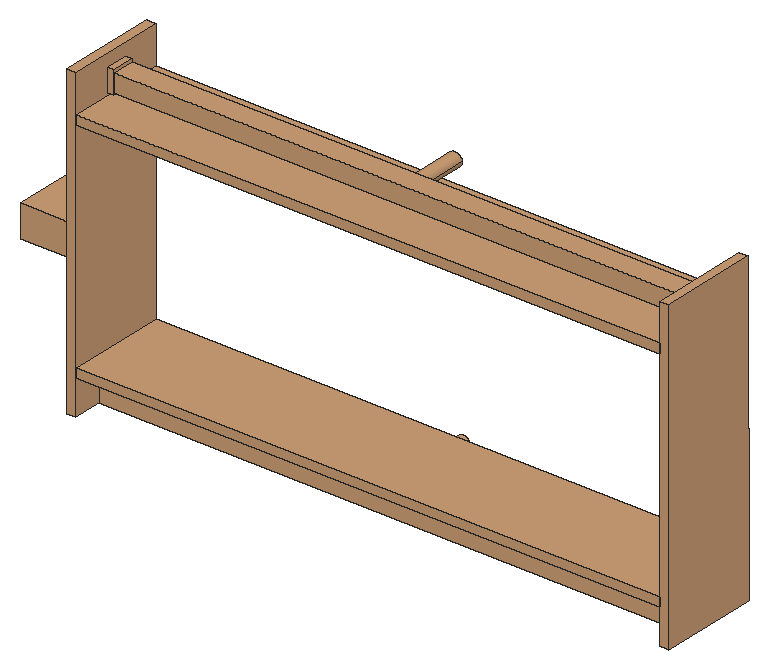
Revit family
Parameters
  Center Of Unit = 0' - 0"  # constant formula
  Water Pressure Drop [instance] = 0.00 psi
  Water Flow [instance] = 0 GPM
  Unit Weight (lbs) = 1099
  URL = "http://www.ljwing.com/"
  Water Outlet Radius = 0' - 1 1/2"
  Water Outlet Odd sizes = 0' - 0"
  Total Heating Capacity [instance] = 0.0 Btu/h
  Temperature Rise [instance] = 0 °F
  Series = "VIFB"
  Outlet Area = 42.90 SF
  Number of Rows = 1  # constant formula
  Number of Coils [instance] = 0
  Nominal Length = 11' - 0 5/8"
  Model = "VC-12"
  Manufacturer = "LJ Wing"
  Leaving Water Temperature [instance] = 0 °F
  Leaving Air Temperature [instance] = 0 °F
  Face Velocity (FPM) [instance] = 0
  Entering Water Temperature [instance] = 0 °F
  Entering Air Temperature [instance] = 0 °F
  Description = "Vertical Integral Face & Bypass Water Heating Coils"
  Hot Water Odd Sizes = 0' - 0"
  Hot Water Inlet Offset = 0' - 4 3/8"  # constant formula
  Hot Water Inlet  Radius = 0' - 1 1/2"
  Coil Face Area = Outlet Area * 0.56  # 24.024 SF
  Casing Material = ""
  Assembly Code = "D3020300"
  Air Pressure Drop [instance] = 0.00 in-wg
  Air Inlet Width = Nominal Length - 0' 4"  # 10' - 8 5/8"
  Air Inlet Height = Y  # 4' - 0"
  Air Flow [instance] = 0 CFM
  Z = 0' - 2 1/8"
  Y = 4' - 0"
  S = 0' - 9 3/4"
  Product URL = "http://www.ljwing.com/html/vifb.asp"
  OmniClass = "23-75 70 21 14"
  Nominal Height = 5' - 8"
  Nominal Depth = 1' - 10"
  R = 0' - 10 1/4"
  Q = 0' - 3 5/16"
  P = 0' - 5 1/8"
  L = 0' - 5 15/16"
Reference planes (in)
  plane 1 "Center (Front/Back)": y = 0
  plane 2: z = -24
  plane 3 "Center (Left/Right)": x = 0
  plane 4: z = 34.25
  plane 5: x = -66.3125
  plane 6: x = 66.3125
  plane 7: z = -33.75
  plane 8: z = 0
  plane 9: y = -11
  plane 10: y = 11
  plane 11: z = 24
  plane 12: z = 26
  plane 13: z = -26
  plane 14: x = 64.3125
  plane 15: x = -64.3125
  plane 16: z = 29.125
  plane 17: z = -27.8125
  plane 18: x = -63
  plane 19: x = 63
  plane 20: y = 13.125
  plane 21: y = 15.375
  plane 22: x = -77.3125
  plane 23: x = 0
  plane 24: x = 0
  plane 25: z = 31.125
  plane 26: z = 27.125
  plane 27: y = -2.5
  plane 28: y = 2.5
  plane 29: y = -4.5
Forms (in)
  Extrusion 1, solid, material "Painted Finish"
    sketch origin (0, 6, -9.75) x (1, 0, 0) y (0, 0, 1)
      loop
        line (-66.3125, -24) -> (-64.3125, -24) -> (-64.3125, 44) -> (-66.3125, 44) -> (-66.3125, -24)
      loop
        line (66.3125, -24) -> (66.3125, 44) -> (64.3125, 44) -> (64.3125, -24) -> (66.3125, -24)
    from -5 to 17
  Extrusion 2, solid, material "Painted Finish"
    sketch origin (0, 6, 0) x (1, 0, 0) y (0, 0, 1)
      loop
        line (64.3125, -24) -> (-64.3125, -24) -> (-64.3125, -26) -> (64.3125, -26) -> (64.3125, -24)
      loop
        line (64.3125, 24) -> (64.3125, 26) -> (-64.3125, 26) -> (-64.3125, 24) -> (64.3125, 24)
    from -5 to 17
  Extrusion 3, solid, material "Painted Finish"
    sketch origin (0, 10, -0.5) x (1, 0, 0) y (0, 0, 1)
      loop
        line (-66.3125, 4) -> (-77.3125, 4) -> (-77.3125, -3) -> (-66.3125, -3) -> (-66.3125, 4)
    from 0 to 20
  Extrusion 4, solid, material "Painted Finish"
    sketch origin (0, 6, 0) x (1, 0, 0) y (0, 0, 1)
      loop
        line (-62.6875, 31.125) -> (-62.6875, 27.125) -> (62.6875, 27.125) -> (62.6875, 31.125) -> (-62.6875, 31.125)
    from 3.5 to 8.5
  Extrusion 5, solid, material "Painted Finish"
    sketch origin (0, 0, 0) x (1, 0, 0) y (0, 0, 1)
      loop
        line (-62.6875, 26.625) -> (-62.6875, 31.625) -> (-64.3125, 31.625) -> (-64.3125, 26.625) -> (-62.6875, 26.625)
      loop
        line (64.3125, 26.625) -> (64.3125, 31.625) -> (62.6875, 31.625) -> (62.6875, 26.625) -> (64.3125, 26.625)
    from -2.5 to 2.5
  Extrusion 6, solid, material "Painted Finish"
    sketch origin (0, 23, 0) x (1, 0, 0) y (0, 0, 1)
      loop
        circle (0, 29.125) r 1.5
    from 9.875 to 20.5
  Extrusion 7, solid, material "Painted Finish"
    sketch origin (0, 6, 0) x (1, 0, 0) y (0, 0, 1)
      loop
        line (-64.3125, -26) -> (-64.3125, -33.75) -> (64.3125, -33.75) -> (64.3125, -26) -> (-64.3125, -26)
    from -5 to 10.5
  Extrusion 8, solid, material "Painted Finish"
    sketch origin (0, 23, 0) x (1, 0, 0) y (0, 0, 1)
      loop
        circle (0, -27.8125) r 1.5
    from 7.625 to 12
  Extrusion 9, void
    sketch origin (0, 0, 0) x (1, 0, 0) y (0, 0, 1)
      loop
        line (-64.3125, 24) -> (-64.3125, -24) -> (64.3125, -24) -> (64.3125, 24) -> (-64.3125, 24)
    from -11 to 11
Cuts and joins
  Extrusion 9 cuts Extrusion 1
  Extrusion 9 cuts Extrusion 2
Dimensions and locks (in)
  "Nominal Length": plane 6 to plane 5
  equal spacing: plane 6, plane 3 "Center (Left/Right)", plane 5
  "S": plane 2 to plane 7
  "Nominal Depth": plane 10 to plane 9
  equal spacing: plane 10, plane 1 "Center (Front/Back)", plane 9
  "Y": plane 11 to plane 2
  "R": plane 4 to plane 11
  locked: plane 12 to plane 11 at 2
  locked: plane 2 to plane 13 at 2
  "P": plane 4 to plane 16
  "L": plane 17 to plane 7
  "Q": plane 18 to plane 5
  "Q": plane 6 to plane 19
  "Z": plane 20 to plane 10
  "Hot Water Inlet Offset": plane 21 to plane 10
  locked: plane 5 to plane 22 at 11
  locked: Extrusion 3 sketch curve to Extrusion 3 sketch curve at 7
  locked: Extrusion 3 to Extrusion 3 at 20
  locked: plane 6 to plane 14 at 2
  locked: plane 15 to plane 5 at 2
  "Water Outlet Odd sizes": plane 23 to plane 3 "Center (Left/Right)"
  "Hot Water Odd Sizes": plane 3 "Center (Left/Right)" to plane 24
  equal spacing: plane 25, plane 16, plane 26
  locked: Extrusion 5 sketch curve to plane 25 at 0.5
  locked: plane 26 to Extrusion 5 sketch curve at 0.5
  locked: Extrusion 6 sketch curve to plane 16 at 0
  locked: Extrusion 6 sketch curve to plane 23 at 0
  locked: Extrusion 8 sketch curve to plane 17 at 0
  locked: Extrusion 8 sketch curve to plane 24 at 0
  locked: plane 25 to plane 26 at 4
  locked: plane 28 to plane 27 at 5
  equal spacing: plane 28, plane 1 "Center (Front/Back)", plane 27
  locked: plane 27 to plane 29 at 2
  plane 4 to plane 7 = 5' - 8"
  locked: Extrusion 5 sketch curve to Extrusion 1 at 1.625
  locked: Extrusion 5 sketch curve to Extrusion 5 sketch curve at 1.625
  locked: Extrusion 9 sketch curve to plane 11 at 0
  locked: Extrusion 9 sketch curve to plane 15 at 0
  locked: Extrusion 9 sketch curve to plane 14 at 0
  locked: Extrusion 9 sketch curve to plane 2 at 0
  equal spacing: plane 11, plane 8, plane 2
  "Water Outlet Radius": radius of Extrusion 6 sketch curve
  "Hot Water Inlet  Radius": radius of Extrusion 8 sketch curve
  aligned and locked: Extrusion 1 to plane 9
  aligned and locked: Extrusion 1 to plane 10
  aligned and locked: plane 15 to Extrusion 1
  aligned and locked: Extrusion 1 to plane 14
  aligned and locked: Extrusion 2 to plane 9
  aligned and locked: plane 9 to Extrusion 1
  aligned and locked: plane 10 to Extrusion 1  (x2)
  aligned and locked: Extrusion 2 to plane 10
  aligned and locked: plane 10 to Extrusion 2  (x2)
  aligned and locked: plane 9 to Extrusion 2  (x2)
  aligned and locked: plane 5 to Extrusion 3
  aligned and locked: Extrusion 5 sketch curve to plane 15
  aligned and locked: Extrusion 5 sketch curve to Extrusion 4
  aligned and locked: Extrusion 6 to plane 20
  aligned and locked: Extrusion 1 to Extrusion 7
  aligned and locked: Extrusion 8 to plane 10
  aligned and locked: plane 21 to Extrusion 8
  aligned and locked: plane 27 to Extrusion 5
  aligned and locked: Extrusion 5 to Extrusion 4  (x2)
  aligned and locked: Extrusion 5 to plane 28
  aligned and locked: Extrusion 6 to Extrusion 4
  aligned and locked: Extrusion 7 to plane 29  (x2)
  aligned and locked: Extrusion 8 to Extrusion 7
  aligned and locked: Extrusion 4 to Extrusion 5  (x2)
  aligned and locked: Extrusion 5 to Extrusion 1  (x2)
  aligned and locked: plane 2 to Extrusion 2
  aligned and locked: plane 6 to Extrusion 1 sketch curve
  aligned and locked: plane 14 to Extrusion 1 sketch curve
  aligned and locked: Extrusion 1 sketch curve to plane 15
  aligned and locked: Extrusion 1 sketch curve to plane 5
  aligned and locked: plane 7 to Extrusion 1 sketch curve
  aligned and locked: Extrusion 1 sketch curve to plane 7
  aligned and locked: Extrusion 1 sketch curve to plane 4
  aligned and locked: plane 4 to Extrusion 1 sketch curve
  aligned and locked: Extrusion 2 sketch curve to plane 11
  aligned and locked: Extrusion 2 sketch curve to plane 12
  aligned and locked: Extrusion 2 sketch curve to plane 14  (x2)
  aligned and locked: Extrusion 2 sketch curve to plane 15  (x2)
  aligned and locked: Extrusion 2 sketch curve to plane 13
  aligned and locked: plane 2 to Extrusion 2 sketch curve
  aligned and locked: Extrusion 7 sketch curve to plane 13
  aligned and locked: Extrusion 7 sketch curve to plane 7
  aligned and locked: Extrusion 7 sketch curve to plane 14
  aligned and locked: plane 15 to Extrusion 7 sketch curve
  aligned and locked: cut or joined group of Extrusion 1, Extrusion 9 to plane 10
  aligned and locked: Extrusion 8 to plane 21
Automatic sketch dimensions
  Extrusion 3 sketch curve to plane 22 = 0' - 0"
  Extrusion 3 sketch curve to plane 5 = 0' - 0"
  plane 8 to Extrusion 3 sketch curve = 0' - 3 1/2"
  Extrusion 4 sketch curve to plane 25 = 0' - 0"
  Extrusion 4 sketch curve to plane 26 = 0' - 0"
  plane 18 to Extrusion 4 sketch curve = 0' - 0 5/16"
  Extrusion 4 sketch curve to plane 19 = 0' - 0 5/16"
  plane 26 to Extrusion 5 sketch curve = 0' - 0 1/2"
  Extrusion 5 sketch curve to plane 25 = 0' - 0 1/2"
Connectors (in)
  hvac at (0, -11, 0), driven by "Air Inlet Height", driven by "Air Inlet Width", driven by "Air Flow", driven by "Air Pressure Drop"
    settings: on Extrusion 9, index 1
  hvac at (0, 11, 0), driven by "Air Pressure Drop", driven by "Air Inlet Height", driven by "Air Inlet Width", driven by "Air Flow"
    settings: on Extrusion 9, index 2
  piping at (0, 13.125, 29.125), driven by "Water Flow", driven by "Water Outlet Radius", driven by "Water Pressure Drop"
    settings: on Extrusion 6, index 3
  piping at (0, 15.375, -27.8125), driven by "Water Flow", driven by "Water Pressure Drop", driven by "Hot Water Inlet  Radius"
    settings: on Extrusion 8, index 4
